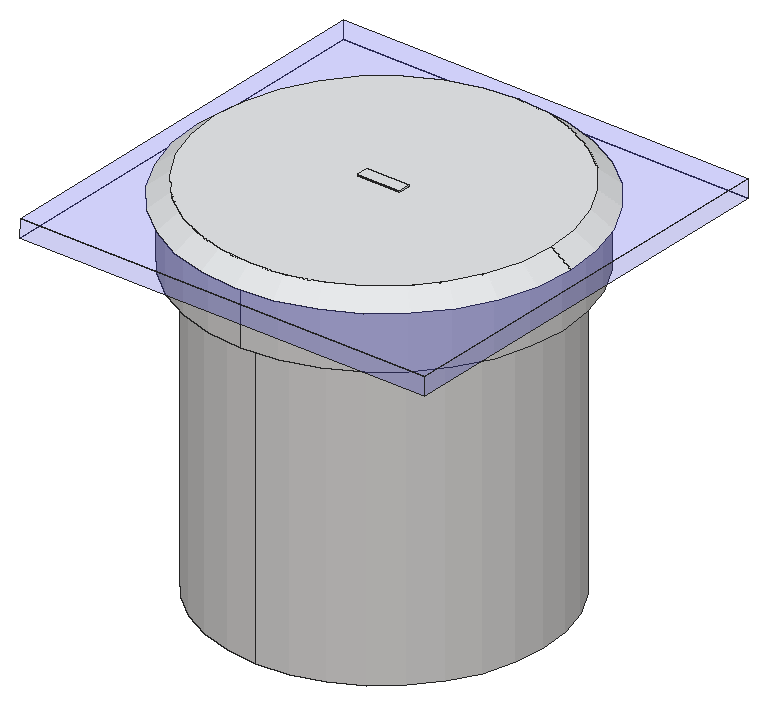
Revit family "AC-C6T", category Communication Devices, host Face, Revit 2014
Parameters (values of type "AC-C6T")
  Width = Grille Radius Base * 2  # 10.2362"
  Weight Product (lb) = 7.6
  Weight Product (kg) = 3.5
  Weight Dimensional (lb) = 21
  Weight Dimensional (kg) = 9.5
  URL = "http://www.qscaudio.com/products/speakers/acoustic_design/c_series/ad_c42t.htm"
  Sensitivity = 89
  SPL Max = 110
  Regulatory Compliance = "RoHS, UL1480, UL2043"
  Product Page URL = "http://www.qscaudio.com/products/speakers/acoustic_design/c_series/ad_c42t.htm"
  Product Documentation Link = "http://media.qscaudio.com/pdfs/Specifications/AD_C42T_spec.pdf"
  Power Handling = 30
  Model = "AC-C6T"
  Middle Radius = 4.9016"
  Middle Depth = 1.564"
  Manufacturer URL = "www.qscaudio.com"
  Manufacturer = "QSC Audio Products, LLC"
  Logo Material [instance] = White Powder Coated Finish
  Impedance = 8
  Grille Radius Extent = 4.6063"
  Grille Radius Base = 5.1181"
  Grille Material [instance] = White Powder Coated Mesh
  Grille Depth = 0.3937"
  Enclosure Radius = 4.3898"
  Enclosure Depth = 7.9921"
  Description = "6\" Coaxial 2-way Loudspeaker Element"
  Depth = Grille Depth + Middle Depth + Enclosure Depth  # 9.9498"
  Default Elevation = 0"
  Coverage Vertical = 110.00°
  Coverage Horizontal = 110.00°
  70V Taps = "30, 15, 7.5, 3.7, 1.9"
  100V Taps = "30, 15, 7.5, 3.8"
Reference planes (in)
  plane 1 "Center (Front/Back)": y = 0
  plane 2: z = 0
  plane 3 "Center (Left/Right)": x = 0
  plane 4 "Grill Extent": z = 0.3937
  plane 5 "Enclosure Extent": z = -9.5561
  plane 6 "Middle Extent": z = -1.564
Forms (in)
  Extrusion 1, solid, material "Glass"
    sketch origin (0, 0, 0) x (1, 0, 0) y (0, 1, 0)
      loop
        line (-5.5, 5.5) -> (-5.5, -5.60605) -> (5.60072, -5.60605) -> (5.60072, 5.5) -> (-5.5, 5.5)
    from 0 to -0.4951
  Extrusion 2, solid, material "Steel"
    sketch origin (0, 0, -1.564) x (0, 1, 0) y (-1, 0, 0)
      loop
        circle (0, 0) r 4.9016
    from 0 to 1.564 <- "Middle Depth"
  Extrusion 3, solid, material "Steel"
    sketch origin (0, 0, -9.5561) x (0, 1, 0) y (-1, 0, 0)
      loop
        circle (0, 0) r 4.3898
    from 0 to 7.9921 <- "Enclosure Depth"
  Blend 4, solid, material "White Powder Coated Mesh" <- "Grille Material"
    base sketch origin (0, 0, 0) x (1, 0, 0) y (0, 1, 0)
      loop
        circle (0, 0) r 5.1181
    top sketch origin (0, 0, 0) x (1, 0, 0) y (0, 1, 0)
      loop
        circle (0, 0) r 4.6063
    from 0 to 0.3937 <- "Grille Depth"
  Extrusion 5, solid, material "White Powder Coated Finish" <- "Logo Material"
    sketch origin (-7.192, -0.9574, 0.3937) x (0, 1, 0) y (-1, 0, 0)
      loop
        arc (1.11292, -6.6296) -> (1.10706, -6.61546) -> (1.09292, -6.6096) r 0.02
        line (1.09292, -6.6096) -> (0.79179, -6.6096)
        arc (0.79179, -6.6096) -> (0.77765, -6.61546) -> (0.77179, -6.6296) r 0.02
        line (0.77179, -6.6296) -> (0.77179, -7.7373)
        arc (0.77179, -7.7373) -> (0.77765, -7.75144) -> (0.79179, -7.7573) r 0.02
        line (0.79179, -7.7573) -> (1.09292, -7.7573)
        arc (1.09292, -7.7573) -> (1.10706, -7.75144) -> (1.11292, -7.7373) r 0.02
        line (1.11292, -7.7373) -> (1.11292, -6.6296)
    from 0 to 0.03125
Lines and regions (in)
  model lines
    curve 1: line (0.07625, -0.06087, 0.42495) -> (-0.01101, 0.05409, 0.42495)
    curve 2: line (-0.01101, 0.05409, 0.42495) -> (0.07625, -0.06087, 0.42495)
    curve 3: line (-0.32737, -0.04652, 0.42495) -> (-0.2944, 0.07207, 0.42495)
    curve 4: line (-0.2944, 0.07207, 0.42495) -> (-0.32737, -0.04652, 0.42495)
    curve 5: line (-0.2723, -0.12504, 0.42495) -> (-0.29691, 0.09442, 0.42495)
    curve 6: line (-0.29691, 0.09442, 0.42495) -> (-0.2723, -0.12504, 0.42495)
    curve 7: line (0.19309, 0.0285, 0.42495) -> (0.2709, -0.02866, 0.42495)
    curve 8: line (0.2709, -0.02866, 0.42495) -> (0.19309, 0.0285, 0.42495)
Dimensions and locks (in)
  "Grille Depth": plane 4 "Grill Extent" to plane 2
  "Middle Depth": plane 6 "Middle Extent" to plane 2
  "Enclosure Depth": plane 5 "Enclosure Extent" to plane 6 "Middle Extent"
  "Middle Radius": radius of Extrusion 2 sketch curve
  "Enclosure Radius": radius of Extrusion 3 sketch curve
  "Grille Radius Base": radius of Blend 4 sketch curve
  "Grille Radius Extent": radius of Blend 4 sketch curve
  aligned and locked: plane 2 to Extrusion 1
  aligned and locked: level to Extrusion 1
Automatic sketch dimensions
  Extrusion 1 sketch curve to Extrusion 1 sketch curve = 11.10072"
  Extrusion 1 sketch curve to Extrusion 1 sketch curve = 11.10605"
  plane 1 "Center (Front/Back)" to Extrusion 2 sketch curve = 0"
  Extrusion 2 sketch curve to plane 3 "Center (Left/Right)" = 0"
  plane 1 "Center (Front/Back)" to Extrusion 3 sketch curve = 0"
  Extrusion 3 sketch curve to plane 3 "Center (Left/Right)" = 0"
  plane 1 "Center (Front/Back)" to Blend 4 sketch curve = 0"  (x2)
  Blend 4 sketch curve to plane 3 "Center (Left/Right)" = 0"  (x2)
  plane 1 "Center (Front/Back)" to Extrusion 5 sketch curve = 0.18561"
  Extrusion 5 sketch curve to Extrusion 5 sketch curve = 0.02"  (x3)
  Extrusion 5 sketch curve to Extrusion 5 sketch curve = 0.30113"  (x2)
  plane 3 "Center (Left/Right)" to Extrusion 5 sketch curve = 0.5653"
  Extrusion 5 sketch curve to Extrusion 5 sketch curve = 1.1077"
  curve 6 to Extrusion 5 = 0.06057"
  curve 5 to curve 6 = 0"  (x3)
  curve 1 to Extrusion 5 = 0.12474"
  curve 2 to curve 1 = 0"  (x3)
  curve 6 to curve 4 = 0.07852"
  curve 3 to curve 4 = 0"  (x3)
  curve 7 to Extrusion 5 = 0.15694"
  curve 8 to curve 7 = 0"  (x3)
  curve 8 to curve 7 = 0.05717"
  curve 1 to Extrusion 5 = 0.10143"
  curve 3 to curve 6 = 0.02235"
  curve 8 to Extrusion 5 = 0.2944"
  curve 7 to curve 8 = 0"
  curve 8 to curve 7 = 0.07781"
  curve 7 to curve 2 = 0.11684"
  curve 1 to curve 2 = 0"
  curve 1 to curve 1 = 0.08726"
  curve 6 to Extrusion 5 = 0.3101"
  curve 5 to curve 4 = 0.0221"
  curve 3 to curve 5 = 0.00251"
  curve 6 to curve 5 = 0"
  curve 6 to curve 4 = 0.05507"
Connectors (in)
  cabletrayconduit at (0, 0, -9.5561), diameter 24
    settings: on Extrusion 3, index 1, connector width 12", connector height 12", connector angle 0.00°, system type 32, placement type 1, profile type 0, connector reference index -1, is primary connector yes, connector utility param no, connector description "Concentric 1/2\" and 3/4\" Knockouts"
  electrical at (0, 0, -9.5561)
    settings: on Extrusion 3, index 2, voltage 0 V, apparent load 0 VA, apparent load phase1 0 VA, apparent load phase2 0 VA, apparent load phase3 0 VA, power factor 1, load classification "Other", number of poles 1, system type 14, power factor state 1, is connector primary yes, connector utility no, sub classification motor no, connector description "Speaker"
